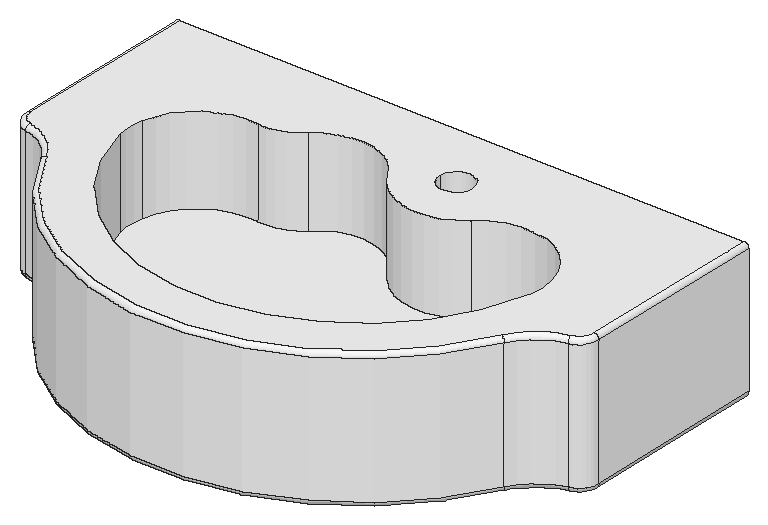
Revit family "NLRS_74_PF_UN_wastafel_S8309500000_SPHINX_BCB", category Plumbing Fixtures, Revit 2016
Family settings
  Part Type = Normal
  Round Connector Dimension = Use Radius
  OmniClass Number = 23.45.00.00
  OmniClass Title = Sanitary, Laundry, and Cleaning Equipment
  Work Plane-Based = No
  Always vertical = Yes
  Cut with Voids When Loaded = No
  Shared = No
  Room Calculation Point = No
Parameters (values of type "wastafel 55 cm zonder overloop / zonder kraangat")
  NLRS_C_type = "Wastafel met kraangat en zonder overloop"
  NLRS_C_serie = "300 Kids"
  NLRS_C_revit_versie = "2016"
  NLRS_C_content_versie = "2.0"
  NLRS_C_content_provider = "BouwConnect"
  NLRS_C_content_datum_uitgifte = "APR-2018"
  NLRS_C_content_datum_gewijzigd = "APR-2018"
  NLRS_C_content_creator = "BouwConnect"
  NLRS_C_URL_product_data = "http://www.sphinx.nl/producten/wastafels-%7C-fonteinen/wastafels/sphinx-300-kids-%7C-kinderwastafel-60-cm/37924/"
  Waste Connection = yes
  WFU = 0
  URL = "http://www.sphinx.nl/"
  Type Comments = ""
  NLRS_S_gewicht = 20.20 kg
  NLRS_C_materiaal = none
  NLRS_C_lengte = 400 mm
  NLRS_C_hoogte = 150 mm
  NLRS_C_diameter_uit = 45 mm
  NLRS_C_diameter_in = 35 mm
  NLRS_C_breedte = 600 mm
  Model = "300 wastafel 55 cm zonder overloop / zonder kraangat "  # constant formula
  Manufacturer = "Sphinx"  # constant formula
  Keynote = ""
  IfcTypeProduct = "IfcSanitaryTerminalType"
  IfcExportType = "SINK"
  IfcExportAs = "IfcSanitaryTerminalTypeEnum"
  IfcElement = "IfcFlowTerminal"
  NLRS_C_code_EAN = "8711754391246"
  Description = "wastafel"
  CWFU = 0
  NLRS_C_URL_BCB = "http://bcb-online.nl/?zoekterm=Sphinx+++%5bGeberit+B.V.%5d"
  Assembly Code = "47.11"
Reference planes
  plane 1 "Center (Front/Back)": y = 0
  plane 2: z = 0
  plane 3 "Center (Left/Right)": x = 0
Forms (mm)
  Extrusion 1, solid, material "74_porcelein_wit", detail levels medium+fine
    sketch origin (999.947, 0.036, 0) x (1, 0, 0) y (0, 1, 0)
      loop
        arc (-1299.947, -196.036) -> (-1295.506, -208.604) -> (-1284.153, -215.589) r 20
        arc (-1284.153, -215.589) -> (-1259.736, -227.04) -> (-1242.801, -248.027) r 60
        arc (-1242.801, -248.027) -> (-999.947, -400.036) -> (-757.093, -248.027) r 270
        arc (-757.093, -248.027) -> (-740.158, -227.04) -> (-715.742, -215.589) r 60
        arc (-715.742, -215.589) -> (-704.389, -208.604) -> (-699.947, -196.036) r 20
        line (-699.947, -196.036) -> (-699.947, -0.036) -> (-1299.947, -0.036) -> (-1299.947, -196.036)
    from -144.695 to 0
  Extrusion 2, void, detail levels medium+fine
    sketch origin (999.947, 5.036, 0) x (1, 0, 0) y (0, 1, 0)
      loop
        arc (-1214.575, -154.971) -> (-1216.044, -169.853) -> (-1214.268, -184.701) r 68.921
        arc (-1214.268, -184.701) -> (-1000.009, -355.036) -> (-785.654, -184.82) r 220
        arc (-785.654, -184.82) -> (-785.29, -183.142) -> (-784.974, -181.454) r 59.293
        arc (-784.974, -181.454) -> (-820.079, -108.302) -> (-900.709, -117.384) r 70.042
        arc (-900.709, -117.384) -> (-955.184, -133.064) -> (-1001.349, -100.167) r 65.204
        arc (-1001.349, -100.167) -> (-1045.122, -69.689) -> (-1095.869, -86.11) r 60
        arc (-1095.869, -86.11) -> (-1114.933, -97.753) -> (-1137.165, -99.933) r 50
        arc (-1137.165, -99.933) -> (-1186.633, -112.314) -> (-1214.575, -154.971) r 70
    from -91.55 to 100
  Extrusion 3, solid, material "74_porcelein_wit", detail levels coarse
    sketch origin (-1000, 1000, 0) x (1, 0, 0) y (0, 1, 0)
      loop
        arc (700, -1196) -> (704.405, -1208.522) -> (715.68, -1215.528) r 20
        arc (715.68, -1215.528) -> (740.108, -1226.923) -> (757.083, -1247.862) r 60
        arc (757.083, -1247.862) -> (999.928, -1400) -> (1242.854, -1247.991) r 270
        arc (1242.854, -1247.991) -> (1259.831, -1226.971) -> (1284.309, -1215.53) r 60
        arc (1284.309, -1215.53) -> (1295.591, -1208.526) -> (1300, -1196) r 20
        line (1300, -1196) -> (1300, -1000) -> (700, -1000) -> (700, -1196)
    from -150 to 0
  Extrusion 4, void, detail levels coarse
    sketch origin (-1000, 1000, 0) x (1, 0, 0) y (0, 1, 0)
      loop
        arc (784.835, -1175.871) -> (1000, -1350) -> (1215.165, -1175.871) r 220
        arc (1215.165, -1175.871) -> (1179.761, -1102.94) -> (1099.239, -1112.348) r 70
        arc (1099.239, -1112.348) -> (1044.742, -1128.151) -> (998.598, -1095.131) r 65
        arc (998.598, -1095.131) -> (954.826, -1064.653) -> (904.079, -1081.074) r 60
        arc (904.079, -1081.074) -> (885.015, -1092.717) -> (862.783, -1094.897) r 50
        arc (862.783, -1094.897) -> (803.446, -1115.782) -> (784.835, -1175.871) r 70
    from -110 to 16.276
  Revolve 5, solid, material "74_metaal_generiek", detail levels fine
    sketch origin (-528.386, -149.905, -35.919) x (1, 0, 0) y (0, 0, 1)
      loop
        line (678.796, -55) -> (678.796, -50)
        arc (678.796, -50) -> (666.186, -50.412) -> (653.653, -51.862) r 153.083
        arc (653.653, -51.862) -> (653.037, -52.206) -> (652.793, -52.868) r 1.018
        line (652.793, -52.868) -> (652.793, -54)
        arc (652.793, -54) -> (653.086, -54.707) -> (653.793, -55) r 1
        line (653.793, -55) -> (678.796, -55)
      axis (678.796, -55) -> (678.796, -50)
    angle from 0 to 360
  Extrusion 6, solid, not visible
    sketch origin (150.015, 69.768, -161.695) x (1, 0, 0) y (0, 1, 0)
      loop
        circle (-0.053, -219.932) r 22.5
    from 0 to 5
  Extrusion 7, void, detail levels medium+fine
    sketch origin (1017.5, 0, 0) x (1, 0, 0) y (0, 1, 0)
      loop
        circle (-967.5, -70) r 17.5
    from -55 to 50
  Extrusion 8, void, detail levels medium+fine
    sketch origin (1022.5, 0, 0) x (1, 0, 0) y (0, 1, 0)
      loop
        circle (-872.5, -150) r 22.5
    from -164.998 to -55
  Sweep 9, void, detail levels medium+fine
    path origin (1000, 0, 0) x (1, 0, 0) y (0, 1, 0)
      loop
        line (-1300, 0) -> (-1300, -196)
        arc (-1300, -196) -> (-1295.558, -208.568) -> (-1284.205, -215.553) r 20
        arc (-1284.205, -215.553) -> (-1259.789, -227.004) -> (-1242.854, -247.991) r 60
        arc (-1242.854, -247.991) -> (-1000, -400) -> (-757.146, -247.991) r 270
        arc (-757.146, -247.991) -> (-740.211, -227.004) -> (-715.795, -215.553) r 60
        arc (-715.795, -215.553) -> (-704.442, -208.568) -> (-700, -196) r 20
        line (-700, -196) -> (-700, 0)
    profile origin (-300, -98, 0) x (1, 0, 0) y (0, 0, 1)
      loop
        arc (0, -5) -> (1.464, -1.464) -> (5, 0) r 5
        line (5, 0) -> (5, 5) -> (-5, 5) -> (-5, -149.695) -> (5, -149.695) -> (5, -144.695)
        arc (5, -144.695) -> (1.464, -143.23) -> (0, -139.695) r 5
        line (0, -139.695) -> (0, -5)
Cuts and joins
  Extrusion 2, Extrusion 7, Extrusion 8, Sweep 9 cuts Extrusion 1
  Extrusion 4 cuts Extrusion 3
Dimensions and locks
  aligned and locked: level to plane 2
Connectors
  piping at (149.963, -150.164, -161.695), diameter 50
    settings: on Extrusion 6, index 1, connector inside diameter 50 mm, connector length 0 mm, flow factor 0, pipe flow 0.0 L/s, pressure drop 0.0 Pa, fitting loss kfactor 0, connector angle 0.00°, fixture units 0, engagement length 0 mm, angle of deflection 0.00°, flow configuration 0, flow direction 0, fitting loss method 0, system type 7, joint type 0, gender type 0, connector reference index -1, connector utility 0, adjustable connector no, is connector primary yes, connector description ""
